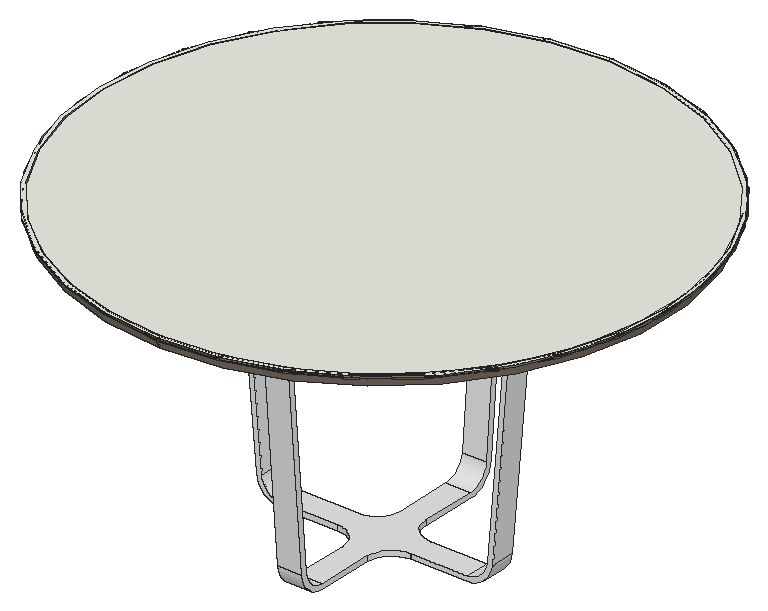
Revit family "Table-Casual-Naughtone-TraceTblLarge_Circular", category Furniture, Revit 2015
Parameters (values of type "TRA-1400-DIA")
  _distributed by = "www.bimbox.co.uk"  # constant formula
  _current revision = "2"
  _created by = "www.bimbox.co.uk"  # constant formula
  _author = "BIMBox"  # constant formula
  _BIMspec_GUID = 0
  WarrantyStartDate [instance] = "<User Defined>"
  WarrantyGuarantorParts = "sales@naughtone.com"
  WarrantyGuarantorLabor = "sales@naughtone.com"
  WarrantyDurationUnit = "Years"
  WarrantyDurationParts = "5"
  WarrantyDurationLabor = "5"
  WarrantyDescription = "5 Year Warranty"
  Version = "2"
  Uniclass2015 = "40.50.21.58"
  URL = "http://www.naughtone.com"
  TypeName = "1400mmx1400mmx750mm, Trace Table Large"
  Type Comments = "1400x1400x750"
  TopRadius [instance] = ((NominalWidth / 2) - (EdgeOffset))  # 690 mm
  TagNumber = 0
  SustainabilityPerformance = "44.8% reusable content. 100% recycled & recyclable content"
  SpareParts = "n/a"
  Size = "1400mmx1400mmx750mm"
  Shape = "Circular"
  SerialNumber = 0
  ReplacementCost = "0.00"
  ProductInformation = "http://www.naughtone.com/wp-content/uploads/2015/04/Trace-large-brochure-FISP-2015.pdf?49171d"
  Product URL = "http://www.naughtone.com/portfolio-view/trace-large"
  Option [instance] = if(HasReverseChamfer, "MFMDF with reverse chamfer", if(HasBandEdge, "MFMDF edge banded", "n/a"))  # "MFMDF with reverse chamfer"
  NominalWidth = 1400 mm
  NominalLength = NominalWidth  # 1400 mm
  NominalHeight = 750 mm  # constant formula
  Name = "Table-Casual-Naughtone-TraceTblLrge_Circular"
  NBSTypeID = "n/a"
  NBSReference = "40.50.21.58"
  Mtrl_Top [instance] = Laminate-White-Smooth
  Mtrl_Frame [instance] = Metal-Silver-Brushed
  Mtrl_EdgeTop [instance] = Timber-Oak_Veneer-Polished
  ModelReference = "Trace Circular Table Large"
  ModelNumber = "TRA-1400-DIA"
  Model = "TRA-1400-DIA"
  ManufacturerDetailsUK = "201 Pannal Business Park, Station Road, Harrogate, HG3 1JL"  # constant formula
  Manufacturer = "Naughtone"  # constant formula
  Keynote = "40.50.21.58"
  InstallationDate [instance] = "<User Defined>"
  HasReverseChamfer [instance] = yes
  HasBandEdge [instance] = not(HasReverseChamfer)  # no
  Grade = "n/a"
  Finish = "Polyster powder coat; various top finishes available"
  Features = "n/a"
  ExtIdentifier = "n/a"
  ExpectedLife = "15-20"
  EdgeOffset [instance] = if(HasReverseChamfer, 10 mm, 5 mm)  # 10 mm
  DurationUnit = "Years"
  Description = "Trace Circular Table 1400mm"
  CreatedOn = "2015.07.11"  # constant formula
  CreatedBy = "Naughtone"  # constant formula
  Cost = 0
  ContactTelephoneNumber = "+44 (0) 1423 816 500"  # constant formula
  ContactEmailAddress = "sales@naughtone.com"  # constant formula
  Constituents = "Cold drawn mild steel, Various top options"
  ComponentDescription = "Sold by the likes of MOMA in New York, the trace table range is simply a modern classic that speaks for itself. Suffice to say the immaculate hand made steel frame and repetition of shapes make trace an exquisitely balanced form."
  Color = "White"
  CodePerformance = "FISP Certified; ISO14001 Certified"
  Category = "40.50.21.58 : Occasional Tables"
  BarCode = "0.000000"
  BIMObjectName = "Table-Casual-Naughtone-TraceTblLrge_Circular"
  AssetType = "Movable"
  AssetIdentifier = "TRA-1400-DIA"
  Assembly Code = "E2020200"
  AccessibilityPerformance = "n/a"
Types (3, lengths in mm): name | TypeName | Type Comments | TopRadius | Size | NominalWidth | NominalLength | ModelNumber | Model | Description | AssetIdentifier
  (no name) | "1400mmx1400mmx750mm, Trace Table Large" | "1400x1400x750" | 690 | "1400mmx1400mmx750mm" | 1400 | 1400 | "TRA-1400-DIA" | "TRA-1400-DIA" | "Trace Circular Table 1400mm" | "TRA-1400-DIA"
  TRA-1200-DIA | "1200mmx1200mmx750mm, Trace Table Large" | "1200x1200x750" | 590 | "1200mmx1200mmx750mm" | 1200 | 1200 | "TRA-1200-DIA" | "TRA-1200-DIA" | "Trace Circular Table 1200mm" | "TRA-1200-DIA"
  TRA-1400-DIA | "1400mmx1400mmx750mm, Trace Table Large" | "1400x1400x750" | 690 | "1400mmx1400mmx750mm" | 1400 | 1400 | "TRA-1400-DIA" | "TRA-1400-DIA" | "Trace Circular Table 1400mm" | "TRA-1400-DIA"
Reference planes
  plane 1 "Center (Front/Back)": y = 0
  plane 2: z = 0
  plane 3 "Center (Left/Right)": x = 0
  plane 4: z = 750
  plane 5 "TopSweep": z = 725
  plane 6: y = 700
  plane 7: y = -700
  plane 8: y = -448.722
  plane 9: y = 448.722
  plane 10: through (4267.2, 348.722, 732) normal (0, 0.9962, -0.0872)
  plane 11: through (4267.2, -348.722, 732) normal (0, 0.9962, 0.0872)
  plane 12: x = -700
  plane 13: x = 700
  plane 14: x = 448.722
  plane 15: through (348.722, -1524, 732) normal (0.9962, 0, -0.0872)
  plane 16: through (-348.722, -1524, 732) normal (0.9962, 0, 0.0872)
  plane 17: x = -448.722
Forms (mm)
  Extrusion 1, solid, material "Metal-Silver-Brushed" <- "Mtrl_Frame"
    sketch origin (0, 0, 0) x (0, 1, 0) y (0, 0, 1)
      loop
        line (348.722, 732) -> (336.676, 732) -> (277.677, 57.642)
        arc (277.677, 57.642) -> (261.647, 25.136) -> (227.868, 12) r 50
        line (227.868, 12) -> (-227.868, 12)
        arc (-227.868, 12) -> (-261.647, 25.136) -> (-277.677, 57.642) r 50
        line (-277.677, 57.642) -> (-336.676, 732) -> (-348.722, 732) -> (-289.632, 56.596)
        arc (-289.632, 56.596) -> (-269.754, 16.289) -> (-227.868, 0) r 62
        line (-227.868, 0) -> (227.868, 0)
        arc (227.868, 0) -> (269.754, 16.289) -> (289.632, 56.596) r 62
        line (289.632, 56.596) -> (348.722, 732)
    from -30 to 30
  Extrusion 2, solid, material "Metal-Silver-Brushed" <- "Mtrl_Frame"
    sketch origin (0, 0, 0) x (0, 1, 0) y (0, 0, 1)
      loop
        line (336.064, 725) -> (-336.064, 725) -> (-335.014, 713) -> (335.014, 713) -> (336.064, 725)
    from -12.416 to 12.584
  Extrusion 3, solid, material "Metal-Silver-Brushed" <- "Mtrl_Frame"
    sketch origin (0, 0, 0) x (1, 0, 0) y (0, 0, 1)
      loop
        line (348.11, 725) -> (336.064, 725) -> (277.677, 57.642)
        arc (277.677, 57.642) -> (261.647, 25.136) -> (227.868, 12) r 50
        line (227.868, 12) -> (-227.868, 12)
        arc (-227.868, 12) -> (-261.647, 25.136) -> (-277.677, 57.642) r 50
        line (-277.677, 57.642) -> (-336.064, 725) -> (-348.109, 725) -> (-289.632, 56.596)
        arc (-289.632, 56.596) -> (-269.754, 16.289) -> (-227.868, 0) r 62
        line (-227.868, 0) -> (227.868, 0)
        arc (227.868, 0) -> (269.754, 16.289) -> (289.632, 56.596) r 62
        line (289.632, 56.596) -> (348.11, 725)
    from -30 to 30
  Extrusion 4, solid, material "Metal-Silver-Brushed" <- "Mtrl_Frame"
    sketch origin (0, 0, 0) x (1, 0, 0) y (0, 0, 1)
      loop
        line (336.064, 725) -> (-336.064, 725) -> (-335.014, 713) -> (335.014, 713) -> (336.064, 725)
    from -12.416 to 12.584
  Extrusion 5, solid, material "Laminate-White-Smooth" <- "Mtrl_Top"
    sketch origin (0, 0, 0) x (1, 0, 0) y (0, 1, 0)
      loop
        circle (0, 0) r 690
    from 732 to 750
  Extrusion 6, solid, material "Metal-Silver-Brushed" <- "Mtrl_Frame"
    sketch origin (0, 0, 750) x (1, 0, 0) y (0, 1, 0)
      loop
        line (-90, 90) -> (-90, -90) -> (90, -90) -> (90, 90) -> (-90, 90)
    from -750 to -738
  Extrusion 7, void
    sketch origin (0, 0, 750) x (0, 1, 0) y (1, 0, 0)
      loop
        circle (90, 90) r 59.8
    from 640.221 to 937.344
  Extrusion 8, void
    sketch origin (0, 0, 750) x (0, -1, 0) y (-1, 0, 0)
      loop
        circle (-90, 90) r 59.8
    from 640.221 to 937.344
  Extrusion 9, void
    sketch origin (0, 0, 750) x (0, 1, 0) y (1, 0, 0)
      loop
        circle (-90, 90) r 59.8
    from 640.221 to 937.344
  Extrusion 10, void
    sketch origin (0, 0, 750) x (0, -1, 0) y (-1, 0, 0)
      loop
        circle (90, 90) r 59.8
    from 640.221 to 937.344
  Sweep 11, solid, material "Timber-Oak_Veneer-Polished" <- "Mtrl_EdgeTop", visible <- "HasReverseChamfer"
    path origin (0, 0, 725) x (0, -1, 0) y (1, 0, 0)
      loop
        circle (0, 0) r 690
    profile origin (-690, 0, 725) x (-1, 0, 0) y (0, 0, 1)
      loop
        line (0, 0) -> (1.2, 0) -> (9.591, 19.452)
        arc (9.591, 19.452) -> (9.897, 20.421) -> (10, 21.432) r 5
        line (10, 21.432) -> (10, 24.5)
        arc (10, 24.5) -> (9.854, 24.854) -> (9.5, 25) r 0.5
        line (9.5, 25) -> (0, 25) -> (0, 0)
  Sweep 12, solid, material "Timber-Oak_Veneer-Polished" <- "Mtrl_EdgeTop", visible <- "HasBandEdge"
    path origin (0, 0, 725) x (0, -1, 0) y (1, 0, 0)
      loop
        circle (0, 0) r 690
    profile origin (-690, 0, 725) x (-1, 0, 0) y (0, 0, 1)
      loop
        arc (5, 20) -> (3.536, 23.536) -> (0, 25) r 5
        line (0, 25) -> (0, 0)
        arc (0, 0) -> (3.536, 1.464) -> (5, 5) r 5
        line (5, 5) -> (5, 20)
Cuts and joins
  joined: Extrusion 2, Extrusion 4
  Extrusion 8, Extrusion 9, Extrusion 10 cuts Extrusion 1
  Extrusion 8, Extrusion 9, Extrusion 10 cuts Extrusion 3
  Extrusion 7, Extrusion 8, Extrusion 9, Extrusion 10 cuts Extrusion 6
  joined: Extrusion 1, Extrusion 3, Extrusion 6
  Extrusion 7 cuts Extrusion 5
Dimensions and locks
  "NominalHeight": plane 4 to plane 2
  "NominalWidth": plane 7 to plane 6
  equal spacing: plane 7, plane 1 "Center (Front/Back)", plane 6
  locked: plane 9 to plane 6 at 251.278
  locked: plane 7 to plane 8 at 251.278
  "NominalLength": plane 13 to plane 12
  locked: plane 13 to plane 14 at 251.278
  equal spacing: plane 13, plane 3 "Center (Left/Right)", plane 12
  locked: plane 17 to plane 12 at 251.278
  locked: plane 4 to plane 5 "TopSweep" at 25
  "TopRadius": radius of Extrusion 5 sketch curve
  "TopRadius": radius of Sweep 11 sketch curve
  "TopRadius": radius of Sweep 12 sketch curve
  locked: plane 10 to plane 9 (angle 5.00°)
  locked: plane 8 to plane 11 (angle 4.99999°)
  locked: plane 15 to plane 14 (angle 5.00°)
  locked: plane 17 to plane 16 (angle 4.99999°)
  aligned and locked: level to plane 2
  aligned and locked: cut or joined group of Extrusion 1, Extrusion 3, Extrusion 6, Extrusion 7, Extrusion 8, Extrusion 9, Extrusion 10 to plane 10
  aligned and locked: Extrusion 1 sketch curve to plane 10
  aligned and locked: plane 11 to cut or joined group of Extrusion 1, Extrusion 3, Extrusion 6, Extrusion 7, Extrusion 8, Extrusion 9, Extrusion 10
  aligned and locked: Extrusion 1 sketch curve to plane 11
  aligned and locked: cut or joined group of Extrusion 1, Extrusion 3, Extrusion 6, Extrusion 7, Extrusion 8, Extrusion 9, Extrusion 10 to Extrusion 2 sketch curve  (x2)
  aligned and locked: Extrusion 4 sketch curve to cut or joined group of Extrusion 1, Extrusion 3, Extrusion 6, Extrusion 7, Extrusion 8, Extrusion 9, Extrusion 10
  aligned and locked: cut or joined group of Extrusion 1, Extrusion 3, Extrusion 6, Extrusion 7, Extrusion 8, Extrusion 9, Extrusion 10 to Extrusion 4 sketch curve
  aligned and locked: Extrusion 3 sketch curve to plane 16
  aligned and locked: Extrusion 3 sketch curve to plane 15
  aligned and locked: Sweep 11 sketch curve to plane 12
  aligned and locked: Sweep 11 sketch curve to plane 4
  aligned and locked: Sweep 11 sketch curve to plane 5 "TopSweep"
  aligned and locked: plane 3 "Center (Left/Right)" to Sweep 12 sketch curve
  aligned and locked: plane 1 "Center (Front/Back)" to Sweep 12 sketch curve
Automatic sketch dimensions
  Extrusion 1 sketch curve to plane 5 "TopSweep" = 7 mm  (x2)
  Extrusion 1 sketch curve to level = 0 mm
  Extrusion 1 sketch curve to Extrusion 1 sketch curve = 12.046 mm  (x2)
  level to Extrusion 1 sketch curve = 56.596 mm  (x2)
  level to Extrusion 1 sketch curve = 57.642 mm  (x2)
  Extrusion 1 sketch curve to Extrusion 1 sketch curve = 11.954 mm  (x2)
  Extrusion 1 sketch curve to Extrusion 1 sketch curve = 49.81 mm  (x2)
  Extrusion 1 sketch curve to Extrusion 1 sketch curve = 0 mm  (x2)
  level to Extrusion 1 sketch curve = 12 mm
  plane 5 "TopSweep" to Extrusion 2 sketch curve = 0 mm
  Extrusion 2 sketch curve to Extrusion 2 sketch curve = 1.05 mm
  Extrusion 3 sketch curve to plane 5 "TopSweep" = 0 mm  (x2)
  Extrusion 3 sketch curve to level = 0 mm
  Extrusion 3 sketch curve to Extrusion 3 sketch curve = 12.046 mm  (x2)
  level to Extrusion 3 sketch curve = 56.596 mm  (x2)
  level to Extrusion 3 sketch curve = 57.642 mm  (x2)
  Extrusion 3 sketch curve to Extrusion 3 sketch curve = 11.954 mm  (x2)
  Extrusion 3 sketch curve to Extrusion 3 sketch curve = 49.81 mm  (x2)
  Extrusion 3 sketch curve to Extrusion 3 sketch curve = 0 mm  (x2)
  level to Extrusion 3 sketch curve = 12 mm
  Extrusion 4 sketch curve to plane 5 "TopSweep" = 0 mm
  Extrusion 4 sketch curve to Extrusion 4 sketch curve = 1.05 mm
  Extrusion 6 sketch curve to Extrusion 6 sketch curve = 180 mm  (x2)
  Sweep 11 sketch curve to profile plane = 0 mm
  Sweep 11 sketch curve to profile plane = 1.2 mm
  Sweep 11 sketch curve to Sweep 11 sketch curve = 4.5 mm
  Sweep 11 sketch curve to Sweep 11 sketch curve = 4.591 mm
  Sweep 11 sketch curve to Sweep 11 sketch curve = 0.5 mm
  Sweep 11 sketch curve to Sweep 11 sketch curve = 3.068 mm
  Sweep 12 sketch curve to plane 5 "TopSweep" = 0 mm
  Sweep 12 sketch curve to plane 5 "TopSweep" = 5 mm
  Sweep 12 sketch curve to Sweep 12 sketch curve = 15 mm
  Sweep 12 sketch curve to profile plane = 0 mm
  plane 1 "Center (Front/Back)" to Extrusion 5 sketch curve = 0 mm
  Extrusion 5 sketch curve to plane 3 "Center (Left/Right)" = 0 mm
  plane 1 "Center (Front/Back)" to Sweep 11 sketch curve = 0 mm
  Sweep 11 sketch curve to plane 3 "Center (Left/Right)" = 0 mm
  radius of Extrusion 7 sketch curve = 59.8 mm
  radius of Extrusion 8 sketch curve = 59.8 mm
  radius of Extrusion 9 sketch curve = 59.8 mm
  radius of Extrusion 10 sketch curve = 59.8 mm
